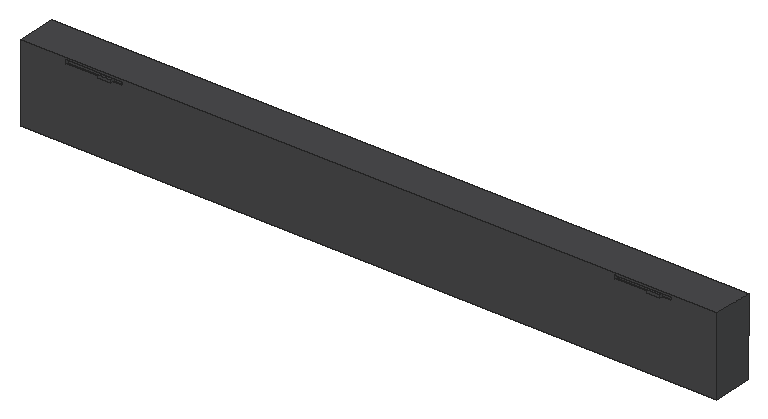
Revit family "DOT BLOCK CEILLING 646_DTSM30W6.1.36", category Luminarias, Revit 2019
Family settings
  Cota de conector redondo = Diámetro de uso
  Tipo de pieza = Normal
  Se basa en plano de trabajo = Sí
  Siempre vertical = Sí
  Corte con vacíos al cargar = No
  Origen de luz = Sí
  Compartido = No
  Punto de cálculo de habitación = No
Parameters (values of type "DOT BLOCK CEILLING 646_DTSM30W6.1.36")
  Ángulo de inclinación = 60.00°
  Zone [instance] = ""
  Watt per fixture = 30
  Wattage = 30 W
  built-in parameter 1150107 = 3000 (stored number, unit not read)
  built-in parameter 1150110 = 1 (stored number, unit not read)
  built-in parameter 1150109 = 1 (stored number, unit not read)
  built-in parameter 1150112 = 1 (stored number, unit not read)
  built-in parameter 1150113 = 1 (stored number, unit not read)
  built-in parameter 1114218 = 1 (stored number, unit not read)
  Keynote = ""
  built-in parameter 1150137 = (empty or 0)
  built-in parameter 1150132 = (empty or 0)
  Modelo = "DTSM30W6.1.36"
  Lámpara = "3030SMD PHILIPS"
  built-in parameter 1150105 = 202.92 (stored number, unit not read)
  built-in parameter 1150102 = (empty or 0)
  built-in parameter 1150106 = 2.0292 (stored number, unit not read)
  Lumens = 2550 lm
  Color Filter = 16777215
  built-in parameter 1114217 = 1 (stored number, unit not read)
  built-in parameter 1150139 = (empty or 0)
  Fabricante = "BRILLANT"
  Default Elevation = 1219.2 mm
  built-in parameter 1150104 = 7.8968 (stored number, unit not read)
  Descripción = "LUMINARIA DOWNLIGHT EN FORMATO RECTANGULAR PARA SOBREPONER DIRECTO EN TECHO, CUERPO DE ALUMINIO ACABADO EN COLOR NEGRO, IP 20, PESO 1.40Kg, TIPO DE LED 3030SMD PHILIPS CON 30W TOTAL, 1400 LUMENES, 85LM/W, IRC 90, TEMPERATURA EN BLANCO CALIDO 3000K, 50 MIL HORAS DE VIDA PROMEDIO, APERTURA DE 36 GRADOS POR PROYECTO, ALIMENTADO A 90-240V"
  built-in parameter 1150115 = 1 (stored number, unit not read)
  built-in parameter 1150114 = 1 (stored number, unit not read)
  Comentarios de vataje = "90-240V"
  built-in parameter 1150138 = (empty or 0)
  built-in parameter 1150134 = (empty or 0)
  Circuit [instance] = ""
  Dimming Lamp Color Temperature Shift = (empty or 0)
  Archivo de red fotométrica = "L646A-30W-830-B-36_IESNA95.IES"
  built-in parameter 1150133 = 10 (stored number, unit not read)
Reference planes
  plane 1 "Centro (Frontal/Posterior)": y = 0
  plane 2: z = 0
  plane 3 "Centro (Izquierda/Derecha)": x = 0
Forms (mm)
  Extrusion 1, solid, material "Default Form", not visible
    sketch origin (0, 0, 0) x (1, 0, 0) y (0, 0, 1)
      loop
        line (-473, 0) -> (-473, -72) -> (473, -72) -> (473, 0) -> (-473, 0)
    from -18.326 to 18.326
  Blend 2, void, not visible
    base sketch origin (-293.63, 0, 0) x (1, 0, 0) y (0, 1, 0)
      loop
        line (-162, 16.149) -> (-162, -16.149) -> (-144.14, -16.149) -> (-144.14, 16.149) -> (-162, 16.149)
    top sketch origin (-293.63, 0, 0) x (1, 0, 0) y (0, 1, 0)
      loop
        line (-160, 12.149) -> (-160, -12.149) -> (-146.14, -12.149) -> (-146.14, 12.149) -> (-160, 12.149)
    from -72 to -61.591
  Blend 3, void, not visible
    base sketch origin (-267.33, 0, 0) x (1, 0, 0) y (0, 1, 0)
      loop
        line (-162, 16.149) -> (-162, -16.149) -> (-144.14, -16.149) -> (-144.14, 16.149) -> (-162, 16.149)
    top sketch origin (-267.33, 0, 0) x (1, 0, 0) y (0, 1, 0)
      loop
        line (-160, 12.149) -> (-160, -12.149) -> (-146.14, -12.149) -> (-146.14, 12.149) -> (-160, 12.149)
    from -72 to -61.591
  Blend 4, void, not visible
    base sketch origin (-241.03, 0, 0) x (1, 0, 0) y (0, 1, 0)
      loop
        line (-162, 16.149) -> (-162, -16.149) -> (-144.14, -16.149) -> (-144.14, 16.149) -> (-162, 16.149)
    top sketch origin (-241.03, 0, 0) x (1, 0, 0) y (0, 1, 0)
      loop
        line (-160, 12.149) -> (-160, -12.149) -> (-146.14, -12.149) -> (-146.14, 12.149) -> (-160, 12.149)
    from -72 to -61.591
  Blend 5, void, not visible
    base sketch origin (-214.73, 0, 0) x (1, 0, 0) y (0, 1, 0)
      loop
        line (-162, 16.149) -> (-162, -16.149) -> (-144.14, -16.149) -> (-144.14, 16.149) -> (-162, 16.149)
    top sketch origin (-214.73, 0, 0) x (1, 0, 0) y (0, 1, 0)
      loop
        line (-160, 12.149) -> (-160, -12.149) -> (-146.14, -12.149) -> (-146.14, 12.149) -> (-160, 12.149)
    from -72 to -61.591
  Blend 6, void, not visible
    base sketch origin (-188.43, 0, 0) x (1, 0, 0) y (0, 1, 0)
      loop
        line (-162, 16.149) -> (-162, -16.149) -> (-144.14, -16.149) -> (-144.14, 16.149) -> (-162, 16.149)
    top sketch origin (-188.43, 0, 0) x (1, 0, 0) y (0, 1, 0)
      loop
        line (-160, 12.149) -> (-160, -12.149) -> (-146.14, -12.149) -> (-146.14, 12.149) -> (-160, 12.149)
    from -72 to -61.591
  Blend 7, void, not visible
    base sketch origin (-162.13, 0, 0) x (1, 0, 0) y (0, 1, 0)
      loop
        line (-162, 16.149) -> (-162, -16.149) -> (-144.14, -16.149) -> (-144.14, 16.149) -> (-162, 16.149)
    top sketch origin (-162.13, 0, 0) x (1, 0, 0) y (0, 1, 0)
      loop
        line (-160, 12.149) -> (-160, -12.149) -> (-146.14, -12.149) -> (-146.14, 12.149) -> (-160, 12.149)
    from -72 to -61.591
  Blend 8, void, not visible
    base sketch origin (-135.83, 0, 0) x (1, 0, 0) y (0, 1, 0)
      loop
        line (-162, 16.149) -> (-162, -16.149) -> (-144.14, -16.149) -> (-144.14, 16.149) -> (-162, 16.149)
    top sketch origin (-135.83, 0, 0) x (1, 0, 0) y (0, 1, 0)
      loop
        line (-160, 12.149) -> (-160, -12.149) -> (-146.14, -12.149) -> (-146.14, 12.149) -> (-160, 12.149)
    from -72 to -61.591
  Blend 9, void, not visible
    base sketch origin (-109.53, 0, 0) x (1, 0, 0) y (0, 1, 0)
      loop
        line (-162, 16.149) -> (-162, -16.149) -> (-144.14, -16.149) -> (-144.14, 16.149) -> (-162, 16.149)
    top sketch origin (-109.53, 0, 0) x (1, 0, 0) y (0, 1, 0)
      loop
        line (-160, 12.149) -> (-160, -12.149) -> (-146.14, -12.149) -> (-146.14, 12.149) -> (-160, 12.149)
    from -72 to -61.591
  Blend 10, void, not visible
    base sketch origin (-83.23, 0, 0) x (1, 0, 0) y (0, 1, 0)
      loop
        line (-162, 16.149) -> (-162, -16.149) -> (-144.14, -16.149) -> (-144.14, 16.149) -> (-162, 16.149)
    top sketch origin (-83.23, 0, 0) x (1, 0, 0) y (0, 1, 0)
      loop
        line (-160, 12.149) -> (-160, -12.149) -> (-146.14, -12.149) -> (-146.14, 12.149) -> (-160, 12.149)
    from -72 to -61.591
  Blend 11, void, not visible
    base sketch origin (-56.93, 0, 0) x (1, 0, 0) y (0, 1, 0)
      loop
        line (-162, 16.149) -> (-162, -16.149) -> (-144.14, -16.149) -> (-144.14, 16.149) -> (-162, 16.149)
    top sketch origin (-56.93, 0, 0) x (1, 0, 0) y (0, 1, 0)
      loop
        line (-160, 12.149) -> (-160, -12.149) -> (-146.14, -12.149) -> (-146.14, 12.149) -> (-160, 12.149)
    from -72 to -61.591
  Blend 12, void, not visible
    base sketch origin (-30.63, 0, 0) x (1, 0, 0) y (0, 1, 0)
      loop
        line (-162, 16.149) -> (-162, -16.149) -> (-144.14, -16.149) -> (-144.14, 16.149) -> (-162, 16.149)
    top sketch origin (-30.63, 0, 0) x (1, 0, 0) y (0, 1, 0)
      loop
        line (-160, 12.149) -> (-160, -12.149) -> (-146.14, -12.149) -> (-146.14, 12.149) -> (-160, 12.149)
    from -72 to -61.591
  Blend 13, void, not visible
    base sketch origin (-4.33, 0, 0) x (1, 0, 0) y (0, 1, 0)
      loop
        line (-162, 16.149) -> (-162, -16.149) -> (-144.14, -16.149) -> (-144.14, 16.149) -> (-162, 16.149)
    top sketch origin (-4.33, 0, 0) x (1, 0, 0) y (0, 1, 0)
      loop
        line (-160, 12.149) -> (-160, -12.149) -> (-146.14, -12.149) -> (-146.14, 12.149) -> (-160, 12.149)
    from -72 to -61.591
  Blend 14, void, not visible
    base sketch origin (21.97, 0, 0) x (1, 0, 0) y (0, 1, 0)
      loop
        line (-162, 16.149) -> (-162, -16.149) -> (-144.14, -16.149) -> (-144.14, 16.149) -> (-162, 16.149)
    top sketch origin (21.97, 0, 0) x (1, 0, 0) y (0, 1, 0)
      loop
        line (-160, 12.149) -> (-160, -12.149) -> (-146.14, -12.149) -> (-146.14, 12.149) -> (-160, 12.149)
    from -72 to -61.591
  Blend 15, void, not visible
    base sketch origin (48.27, 0, 0) x (1, 0, 0) y (0, 1, 0)
      loop
        line (-162, 16.149) -> (-162, -16.149) -> (-144.14, -16.149) -> (-144.14, 16.149) -> (-162, 16.149)
    top sketch origin (48.27, 0, 0) x (1, 0, 0) y (0, 1, 0)
      loop
        line (-160, 12.149) -> (-160, -12.149) -> (-146.14, -12.149) -> (-146.14, 12.149) -> (-160, 12.149)
    from -72 to -61.591
  Blend 16, void, not visible
    base sketch origin (74.57, 0, 0) x (1, 0, 0) y (0, 1, 0)
      loop
        line (-162, 16.149) -> (-162, -16.149) -> (-144.14, -16.149) -> (-144.14, 16.149) -> (-162, 16.149)
    top sketch origin (74.57, 0, 0) x (1, 0, 0) y (0, 1, 0)
      loop
        line (-160, 12.149) -> (-160, -12.149) -> (-146.14, -12.149) -> (-146.14, 12.149) -> (-160, 12.149)
    from -72 to -61.591
  Blend 17, void, not visible
    base sketch origin (100.87, 0, 0) x (1, 0, 0) y (0, 1, 0)
      loop
        line (-162, 16.149) -> (-162, -16.149) -> (-144.14, -16.149) -> (-144.14, 16.149) -> (-162, 16.149)
    top sketch origin (100.87, 0, 0) x (1, 0, 0) y (0, 1, 0)
      loop
        line (-160, 12.149) -> (-160, -12.149) -> (-146.14, -12.149) -> (-146.14, 12.149) -> (-160, 12.149)
    from -72 to -61.591
  Blend 18, void, not visible
    base sketch origin (127.17, 0, 0) x (1, 0, 0) y (0, 1, 0)
      loop
        line (-162, 16.149) -> (-162, -16.149) -> (-144.14, -16.149) -> (-144.14, 16.149) -> (-162, 16.149)
    top sketch origin (127.17, 0, 0) x (1, 0, 0) y (0, 1, 0)
      loop
        line (-160, 12.149) -> (-160, -12.149) -> (-146.14, -12.149) -> (-146.14, 12.149) -> (-160, 12.149)
    from -72 to -61.591
  Blend 19, void, not visible
    base sketch origin (153.47, 0, 0) x (1, 0, 0) y (0, 1, 0)
      loop
        line (-162, 16.149) -> (-162, -16.149) -> (-144.14, -16.149) -> (-144.14, 16.149) -> (-162, 16.149)
    top sketch origin (153.47, 0, 0) x (1, 0, 0) y (0, 1, 0)
      loop
        line (-160, 12.149) -> (-160, -12.149) -> (-146.14, -12.149) -> (-146.14, 12.149) -> (-160, 12.149)
    from -72 to -61.591
  Blend 20, void, not visible
    base sketch origin (179.77, 0, 0) x (1, 0, 0) y (0, 1, 0)
      loop
        line (-162, 16.149) -> (-162, -16.149) -> (-144.14, -16.149) -> (-144.14, 16.149) -> (-162, 16.149)
    top sketch origin (179.77, 0, 0) x (1, 0, 0) y (0, 1, 0)
      loop
        line (-160, 12.149) -> (-160, -12.149) -> (-146.14, -12.149) -> (-146.14, 12.149) -> (-160, 12.149)
    from -72 to -61.591
  Blend 21, void, not visible
    base sketch origin (206.07, 0, 0) x (1, 0, 0) y (0, 1, 0)
      loop
        line (-162, 16.149) -> (-162, -16.149) -> (-144.14, -16.149) -> (-144.14, 16.149) -> (-162, 16.149)
    top sketch origin (206.07, 0, 0) x (1, 0, 0) y (0, 1, 0)
      loop
        line (-160, 12.149) -> (-160, -12.149) -> (-146.14, -12.149) -> (-146.14, 12.149) -> (-160, 12.149)
    from -72 to -61.591
  Blend 22, void, not visible
    base sketch origin (232.37, 0, 0) x (1, 0, 0) y (0, 1, 0)
      loop
        line (-162, 16.149) -> (-162, -16.149) -> (-144.14, -16.149) -> (-144.14, 16.149) -> (-162, 16.149)
    top sketch origin (232.37, 0, 0) x (1, 0, 0) y (0, 1, 0)
      loop
        line (-160, 12.149) -> (-160, -12.149) -> (-146.14, -12.149) -> (-146.14, 12.149) -> (-160, 12.149)
    from -72 to -61.591
  Blend 23, void, not visible
    base sketch origin (258.67, 0, 0) x (1, 0, 0) y (0, 1, 0)
      loop
        line (-162, 16.149) -> (-162, -16.149) -> (-144.14, -16.149) -> (-144.14, 16.149) -> (-162, 16.149)
    top sketch origin (258.67, 0, 0) x (1, 0, 0) y (0, 1, 0)
      loop
        line (-160, 12.149) -> (-160, -12.149) -> (-146.14, -12.149) -> (-146.14, 12.149) -> (-160, 12.149)
    from -72 to -61.591
  Blend 24, void, not visible
    base sketch origin (284.97, 0, 0) x (1, 0, 0) y (0, 1, 0)
      loop
        line (-162, 16.149) -> (-162, -16.149) -> (-144.14, -16.149) -> (-144.14, 16.149) -> (-162, 16.149)
    top sketch origin (284.97, 0, 0) x (1, 0, 0) y (0, 1, 0)
      loop
        line (-160, 12.149) -> (-160, -12.149) -> (-146.14, -12.149) -> (-146.14, 12.149) -> (-160, 12.149)
    from -72 to -61.591
  Blend 25, void, not visible
    base sketch origin (311.27, 0, 0) x (1, 0, 0) y (0, 1, 0)
      loop
        line (-162, 16.149) -> (-162, -16.149) -> (-144.14, -16.149) -> (-144.14, 16.149) -> (-162, 16.149)
    top sketch origin (311.27, 0, 0) x (1, 0, 0) y (0, 1, 0)
      loop
        line (-160, 12.149) -> (-160, -12.149) -> (-146.14, -12.149) -> (-146.14, 12.149) -> (-160, 12.149)
    from -72 to -61.591
  Blend 26, void, not visible
    base sketch origin (337.57, 0, 0) x (1, 0, 0) y (0, 1, 0)
      loop
        line (-162, 16.149) -> (-162, -16.149) -> (-144.14, -16.149) -> (-144.14, 16.149) -> (-162, 16.149)
    top sketch origin (337.57, 0, 0) x (1, 0, 0) y (0, 1, 0)
      loop
        line (-160, 12.149) -> (-160, -12.149) -> (-146.14, -12.149) -> (-146.14, 12.149) -> (-160, 12.149)
    from -72 to -61.591
  Blend 27, void, not visible
    base sketch origin (363.87, 0, 0) x (1, 0, 0) y (0, 1, 0)
      loop
        line (-162, 16.149) -> (-162, -16.149) -> (-144.14, -16.149) -> (-144.14, 16.149) -> (-162, 16.149)
    top sketch origin (363.87, 0, 0) x (1, 0, 0) y (0, 1, 0)
      loop
        line (-160, 12.149) -> (-160, -12.149) -> (-146.14, -12.149) -> (-146.14, 12.149) -> (-160, 12.149)
    from -72 to -61.591
  Blend 28, void, not visible
    base sketch origin (390.17, 0, 0) x (1, 0, 0) y (0, 1, 0)
      loop
        line (-162, 16.149) -> (-162, -16.149) -> (-144.14, -16.149) -> (-144.14, 16.149) -> (-162, 16.149)
    top sketch origin (390.17, 0, 0) x (1, 0, 0) y (0, 1, 0)
      loop
        line (-160, 12.149) -> (-160, -12.149) -> (-146.14, -12.149) -> (-146.14, 12.149) -> (-160, 12.149)
    from -72 to -61.591
  Blend 29, void, not visible
    base sketch origin (416.47, 0, 0) x (1, 0, 0) y (0, 1, 0)
      loop
        line (-162, 16.149) -> (-162, -16.149) -> (-144.14, -16.149) -> (-144.14, 16.149) -> (-162, 16.149)
    top sketch origin (416.47, 0, 0) x (1, 0, 0) y (0, 1, 0)
      loop
        line (-160, 12.149) -> (-160, -12.149) -> (-146.14, -12.149) -> (-146.14, 12.149) -> (-160, 12.149)
    from -72 to -61.591
  Blend 30, void, not visible
    base sketch origin (442.77, 0, 0) x (1, 0, 0) y (0, 1, 0)
      loop
        line (-162, 16.149) -> (-162, -16.149) -> (-144.14, -16.149) -> (-144.14, 16.149) -> (-162, 16.149)
    top sketch origin (442.77, 0, 0) x (1, 0, 0) y (0, 1, 0)
      loop
        line (-160, 12.149) -> (-160, -12.149) -> (-146.14, -12.149) -> (-146.14, 12.149) -> (-160, 12.149)
    from -72 to -61.591
  Blend 31, void, not visible
    base sketch origin (469.07, 0, 0) x (1, 0, 0) y (0, 1, 0)
      loop
        line (-162, 16.149) -> (-162, -16.149) -> (-144.14, -16.149) -> (-144.14, 16.149) -> (-162, 16.149)
    top sketch origin (469.07, 0, 0) x (1, 0, 0) y (0, 1, 0)
      loop
        line (-160, 12.149) -> (-160, -12.149) -> (-146.14, -12.149) -> (-146.14, 12.149) -> (-160, 12.149)
    from -72 to -61.591
  Blend 32, void, not visible
    base sketch origin (495.37, 0, 0) x (1, 0, 0) y (0, 1, 0)
      loop
        line (-162, 16.149) -> (-162, -16.149) -> (-144.14, -16.149) -> (-144.14, 16.149) -> (-162, 16.149)
    top sketch origin (495.37, 0, 0) x (1, 0, 0) y (0, 1, 0)
      loop
        line (-160, 12.149) -> (-160, -12.149) -> (-146.14, -12.149) -> (-146.14, 12.149) -> (-160, 12.149)
    from -72 to -61.591
  Blend 33, void, not visible
    base sketch origin (521.67, 0, 0) x (1, 0, 0) y (0, 1, 0)
      loop
        line (-162, 16.149) -> (-162, -16.149) -> (-144.14, -16.149) -> (-144.14, 16.149) -> (-162, 16.149)
    top sketch origin (521.67, 0, 0) x (1, 0, 0) y (0, 1, 0)
      loop
        line (-160, 12.149) -> (-160, -12.149) -> (-146.14, -12.149) -> (-146.14, 12.149) -> (-160, 12.149)
    from -72 to -61.591
  Blend 34, void, not visible
    base sketch origin (547.97, 0, 0) x (1, 0, 0) y (0, 1, 0)
      loop
        line (-162, 16.149) -> (-162, -16.149) -> (-144.14, -16.149) -> (-144.14, 16.149) -> (-162, 16.149)
    top sketch origin (547.97, 0, 0) x (1, 0, 0) y (0, 1, 0)
      loop
        line (-160, 12.149) -> (-160, -12.149) -> (-146.14, -12.149) -> (-146.14, 12.149) -> (-160, 12.149)
    from -72 to -61.591
  Blend 35, void, not visible
    base sketch origin (574.27, 0, 0) x (1, 0, 0) y (0, 1, 0)
      loop
        line (-162, 16.149) -> (-162, -16.149) -> (-144.14, -16.149) -> (-144.14, 16.149) -> (-162, 16.149)
    top sketch origin (574.27, 0, 0) x (1, 0, 0) y (0, 1, 0)
      loop
        line (-160, 12.149) -> (-160, -12.149) -> (-146.14, -12.149) -> (-146.14, 12.149) -> (-160, 12.149)
    from -72 to -61.591
  Blend 36, void, not visible
    base sketch origin (600.57, 0, 0) x (1, 0, 0) y (0, 1, 0)
      loop
        line (-162, 16.149) -> (-162, -16.149) -> (-144.14, -16.149) -> (-144.14, 16.149) -> (-162, 16.149)
    top sketch origin (600.57, 0, 0) x (1, 0, 0) y (0, 1, 0)
      loop
        line (-160, 12.149) -> (-160, -12.149) -> (-146.14, -12.149) -> (-146.14, 12.149) -> (-160, 12.149)
    from -72 to -61.591
  Extrusion 37, solid, not visible
    sketch origin (-463.861, 0, 3.217) x (0, -1, 0) y (0, 0, -1)
      loop
        line (18.326, 3.217) -> (-18.326, 3.217) -> (-18.326, 73.917) -> (-32.183, 73.917) -> (-32.183, 72.617) -> (-19.626, 72.617) -> (-19.626, 1.917) -> (19.626, 1.917) -> (19.626, 72.617) -> (32.183, 72.617) -> (32.183, 73.917) -> (18.326, 73.917) -> (18.326, 3.217)
    from 89.098 to 128.24
  Extrusion 38, solid, not visible
    sketch origin (-246.523, 0, 3.217) x (0, -1, 0) y (0, 0, 1)
      loop
        line (-19.626, -1.917) -> (19.626, -1.917) -> (19.626, -63.89) -> (20.426, -63.89) -> (20.426, -1.117) -> (-20.426, -1.117) -> (-20.426, -63.89) -> (-19.626, -63.89) -> (-19.626, -1.917)
    from 122.954 to 124.098
  Extrusion 39, solid, not visible
    sketch origin (-463.861, 0, 3.217) x (0, -1, 0) y (0, 0, -1)
      loop
        line (-19.626, 1.917) -> (-19.626, 63.89) -> (-20.426, 63.89) -> (-20.426, 1.117) -> (20.426, 1.117) -> (20.426, 63.89) -> (19.626, 63.89) -> (19.626, 1.917) -> (-19.626, 1.917)
    from 122.954 to 124.098
  Extrusion 40, void, not visible
    sketch origin (0, 0, 0) x (1, 0, 0) y (0, 1, 0)
      loop
        circle (-363.799, -25.904) r 2.055
      loop
        circle (-346.585, -25.904) r 2.055
      loop
        circle (-363.799, 25.904) r 2.055
      loop
        circle (-346.585, 25.904) r 2.055
    from -70.7 to -69.4
  Blend 41, void
    base sketch origin (74.57, 130.851, 72) x (1, 0, 0) y (0, 1, 0)
      loop
        line (-162, -147) -> (-144.14, -147) -> (-144.14, -114.702) -> (-162, -114.702) -> (-162, -147)
    top sketch origin (74.57, 130.851, 72) x (1, 0, 0) y (0, 1, 0)
      loop
        line (-160, -143) -> (-146.14, -143) -> (-146.14, -118.702) -> (-160, -118.702) -> (-160, -143)
    from -72 to -61.591
  Blend 42, void
    base sketch origin (100.87, 130.851, 72) x (1, 0, 0) y (0, 1, 0)
      loop
        line (-162, -147) -> (-144.14, -147) -> (-144.14, -114.702) -> (-162, -114.702) -> (-162, -147)
    top sketch origin (100.87, 130.851, 72) x (1, 0, 0) y (0, 1, 0)
      loop
        line (-160, -143) -> (-146.14, -143) -> (-146.14, -118.702) -> (-160, -118.702) -> (-160, -143)
    from -72 to -61.591
  Blend 43, void
    base sketch origin (127.17, 130.851, 72) x (1, 0, 0) y (0, 1, 0)
      loop
        line (-162, -147) -> (-144.14, -147) -> (-144.14, -114.702) -> (-162, -114.702) -> (-162, -147)
    top sketch origin (127.17, 130.851, 72) x (1, 0, 0) y (0, 1, 0)
      loop
        line (-160, -143) -> (-146.14, -143) -> (-146.14, -118.702) -> (-160, -118.702) -> (-160, -143)
    from -72 to -61.591
  Blend 44, void
    base sketch origin (153.47, 130.851, 72) x (1, 0, 0) y (0, 1, 0)
      loop
        line (-162, -147) -> (-144.14, -147) -> (-144.14, -114.702) -> (-162, -114.702) -> (-162, -147)
    top sketch origin (153.47, 130.851, 72) x (1, 0, 0) y (0, 1, 0)
      loop
        line (-160, -143) -> (-146.14, -143) -> (-146.14, -118.702) -> (-160, -118.702) -> (-160, -143)
    from -72 to -61.591
  Blend 45, void
    base sketch origin (179.77, 130.851, 72) x (1, 0, 0) y (0, 1, 0)
      loop
        line (-162, -147) -> (-144.14, -147) -> (-144.14, -114.702) -> (-162, -114.702) -> (-162, -147)
    top sketch origin (179.77, 130.851, 72) x (1, 0, 0) y (0, 1, 0)
      loop
        line (-160, -143) -> (-146.14, -143) -> (-146.14, -118.702) -> (-160, -118.702) -> (-160, -143)
    from -72 to -61.591
  Blend 46, void
    base sketch origin (206.07, 130.851, 72) x (1, 0, 0) y (0, 1, 0)
      loop
        line (-162, -147) -> (-144.14, -147) -> (-144.14, -114.702) -> (-162, -114.702) -> (-162, -147)
    top sketch origin (206.07, 130.851, 72) x (1, 0, 0) y (0, 1, 0)
      loop
        line (-160, -143) -> (-146.14, -143) -> (-146.14, -118.702) -> (-160, -118.702) -> (-160, -143)
    from -72 to -61.591
  Blend 47, void
    base sketch origin (232.37, 130.851, 72) x (1, 0, 0) y (0, 1, 0)
      loop
        line (-162, -147) -> (-144.14, -147) -> (-144.14, -114.702) -> (-162, -114.702) -> (-162, -147)
    top sketch origin (232.37, 130.851, 72) x (1, 0, 0) y (0, 1, 0)
      loop
        line (-160, -143) -> (-146.14, -143) -> (-146.14, -118.702) -> (-160, -118.702) -> (-160, -143)
    from -72 to -61.591
  Extrusion 48, solid, material "Default Form"
    sketch origin (0, 0, 72) x (1, 0, 0) y (0, 0, -1)
      loop
        line (-323, 0) -> (323, 0) -> (323, 72) -> (-323, 72) -> (-323, 0)
    from -18.326 to 18.326
  Blend 49, void
    base sketch origin (258.67, 130.851, 72) x (1, 0, 0) y (0, 1, 0)
      loop
        line (-162, -147) -> (-144.14, -147) -> (-144.14, -114.702) -> (-162, -114.702) -> (-162, -147)
    top sketch origin (258.67, 130.851, 72) x (1, 0, 0) y (0, 1, 0)
      loop
        line (-160, -143) -> (-146.14, -143) -> (-146.14, -118.702) -> (-160, -118.702) -> (-160, -143)
    from -72 to -61.591
  Blend 50, void
    base sketch origin (284.97, 130.851, 72) x (1, 0, 0) y (0, 1, 0)
      loop
        line (-162, -147) -> (-144.14, -147) -> (-144.14, -114.702) -> (-162, -114.702) -> (-162, -147)
    top sketch origin (284.97, 130.851, 72) x (1, 0, 0) y (0, 1, 0)
      loop
        line (-160, -143) -> (-146.14, -143) -> (-146.14, -118.702) -> (-160, -118.702) -> (-160, -143)
    from -72 to -61.591
  Blend 51, void
    base sketch origin (21.97, 130.851, 72) x (1, 0, 0) y (0, 1, 0)
      loop
        line (-162, -147) -> (-144.14, -147) -> (-144.14, -114.702) -> (-162, -114.702) -> (-162, -147)
    top sketch origin (21.97, 130.851, 72) x (1, 0, 0) y (0, 1, 0)
      loop
        line (-160, -143) -> (-146.14, -143) -> (-146.14, -118.702) -> (-160, -118.702) -> (-160, -143)
    from -72 to -61.591
  Blend 52, void
    base sketch origin (48.27, 130.851, 72) x (1, 0, 0) y (0, 1, 0)
      loop
        line (-162, -147) -> (-144.14, -147) -> (-144.14, -114.702) -> (-162, -114.702) -> (-162, -147)
    top sketch origin (48.27, 130.851, 72) x (1, 0, 0) y (0, 1, 0)
      loop
        line (-160, -143) -> (-146.14, -143) -> (-146.14, -118.702) -> (-160, -118.702) -> (-160, -143)
    from -72 to -61.591
  Extrusion 53, void
    sketch origin (-158.75, 0, 0) x (1, 0, 0) y (0, 1, 0)
      loop
        line (-122.17, -18.326) -> (-69.57, -18.326) -> (-69.57, -16.149) -> (-122.17, -16.149) -> (-122.17, -18.326)
      loop
        line (-122.17, 18.326) -> (-122.17, 16.149) -> (-69.57, 16.149) -> (-69.57, 18.326) -> (-122.17, 18.326)
    from 66.852 to 70.535
  Extrusion 54, solid, material "Default Form"
    sketch origin (125, 0, 0) x (1, 0, 0) y (0, 1, 0)
      loop
        line (146.935, -16.149) -> (145.601, -16.149) -> (145.601, -18.326) -> (135.101, -18.326) -> (135.101, -20.238) -> (146.935, -20.238) -> (146.935, -16.149)
      loop
        line (146.935, 16.149) -> (146.935, 20.238) -> (135.101, 20.238) -> (135.101, 18.326) -> (145.601, 18.326) -> (145.601, 16.149) -> (146.935, 16.149)
      loop
        line (-362.305, -16.149) -> (-363.639, -16.149) -> (-363.639, -18.326) -> (-374.139, -18.326) -> (-374.139, -20.238) -> (-362.305, -20.238) -> (-362.305, -16.149)
      loop
        line (-362.305, 16.149) -> (-362.305, 20.238) -> (-374.139, 20.238) -> (-374.139, 18.326) -> (-363.639, 18.326) -> (-363.639, 16.149) -> (-362.305, 16.149)
    from 67.466 to 69.773
  Extrusion 55, void
    sketch origin (158.75, 0, 0) x (-1, 0, 0) y (0, -1, 0)
      loop
        line (-122.17, 18.326) -> (-122.17, 16.149) -> (-69.57, 16.149) -> (-69.57, 18.326) -> (-122.17, 18.326)
      loop
        line (-122.17, -18.326) -> (-69.57, -18.326) -> (-69.57, -16.149) -> (-122.17, -16.149) -> (-122.17, -18.326)
    from 66.852 to 70.535
  Blend 56, void
    base sketch origin (311.27, 130.851, 72) x (1, 0, 0) y (0, 1, 0)
      loop
        line (-162, -147) -> (-144.14, -147) -> (-144.14, -114.702) -> (-162, -114.702) -> (-162, -147)
    top sketch origin (311.27, 130.851, 72) x (1, 0, 0) y (0, 1, 0)
      loop
        line (-160, -143) -> (-146.14, -143) -> (-146.14, -118.702) -> (-160, -118.702) -> (-160, -143)
    from -72 to -61.591
  Blend 57, void
    base sketch origin (337.57, 130.851, 72) x (1, 0, 0) y (0, 1, 0)
      loop
        line (-162, -147) -> (-144.14, -147) -> (-144.14, -114.702) -> (-162, -114.702) -> (-162, -147)
    top sketch origin (337.57, 130.851, 72) x (1, 0, 0) y (0, 1, 0)
      loop
        line (-160, -143) -> (-146.14, -143) -> (-146.14, -118.702) -> (-160, -118.702) -> (-160, -143)
    from -72 to -61.591
  Blend 58, void
    base sketch origin (363.87, 130.851, 72) x (1, 0, 0) y (0, 1, 0)
      loop
        line (-162, -147) -> (-144.14, -147) -> (-144.14, -114.702) -> (-162, -114.702) -> (-162, -147)
    top sketch origin (363.87, 130.851, 72) x (1, 0, 0) y (0, 1, 0)
      loop
        line (-160, -143) -> (-146.14, -143) -> (-146.14, -118.702) -> (-160, -118.702) -> (-160, -143)
    from -72 to -61.591
  Blend 59, void
    base sketch origin (390.17, 130.851, 72) x (1, 0, 0) y (0, 1, 0)
      loop
        line (-162, -147) -> (-144.14, -147) -> (-144.14, -114.702) -> (-162, -114.702) -> (-162, -147)
    top sketch origin (390.17, 130.851, 72) x (1, 0, 0) y (0, 1, 0)
      loop
        line (-160, -143) -> (-146.14, -143) -> (-146.14, -118.702) -> (-160, -118.702) -> (-160, -143)
    from -72 to -61.591
  Blend 60, void
    base sketch origin (-30.63, 130.851, 72) x (1, 0, 0) y (0, 1, 0)
      loop
        line (-162, -147) -> (-144.14, -147) -> (-144.14, -114.702) -> (-162, -114.702) -> (-162, -147)
    top sketch origin (-30.63, 130.851, 72) x (1, 0, 0) y (0, 1, 0)
      loop
        line (-160, -143) -> (-146.14, -143) -> (-146.14, -118.702) -> (-160, -118.702) -> (-160, -143)
    from -72 to -61.591
  Blend 61, void
    base sketch origin (-4.33, 130.851, 72) x (1, 0, 0) y (0, 1, 0)
      loop
        line (-162, -147) -> (-144.14, -147) -> (-144.14, -114.702) -> (-162, -114.702) -> (-162, -147)
    top sketch origin (-4.33, 130.851, 72) x (1, 0, 0) y (0, 1, 0)
      loop
        line (-160, -143) -> (-146.14, -143) -> (-146.14, -118.702) -> (-160, -118.702) -> (-160, -143)
    from -72 to -61.591
  Blend 62, void
    base sketch origin (-83.23, 130.851, 72) x (1, 0, 0) y (0, 1, 0)
      loop
        line (-162, -147) -> (-144.14, -147) -> (-144.14, -114.702) -> (-162, -114.702) -> (-162, -147)
    top sketch origin (-83.23, 130.851, 72) x (1, 0, 0) y (0, 1, 0)
      loop
        line (-160, -143) -> (-146.14, -143) -> (-146.14, -118.702) -> (-160, -118.702) -> (-160, -143)
    from -72 to -61.591
  Blend 63, void
    base sketch origin (-56.93, 130.851, 72) x (1, 0, 0) y (0, 1, 0)
      loop
        line (-162, -147) -> (-144.14, -147) -> (-144.14, -114.702) -> (-162, -114.702) -> (-162, -147)
    top sketch origin (-56.93, 130.851, 72) x (1, 0, 0) y (0, 1, 0)
      loop
        line (-160, -143) -> (-146.14, -143) -> (-146.14, -118.702) -> (-160, -118.702) -> (-160, -143)
    from -72 to -61.591
Cuts and joins
  Blend 41, Blend 42, Blend 43, Blend 44, Blend 45, Blend 46, Blend 47, Blend 49, Blend 50, Blend 51, Blend 52, Extrusion 53, Extrusion 55, Blend 56, Blend 57, Blend 58, Blend 59, Blend 60, Blend 61, Blend 62, Blend 63 cuts Extrusion 48
  Extrusion 55 cuts Extrusion 54
Dimensions and locks
  cut or joined group 1 (Blend 41, Blend 42, Blend 43, Blend 44, Blend 45, Blend 46, Blend 47, Extrusion 48, Blend 49, Blend 50, Blend 51, Blend 52, Extrusion 53, Extrusion 55, Blend 56, Blend 57, Blend 58, Blend 59, Blend 60, Blend 61, Blend 62, Blend 63) to cut or joined group 1 = 72 mm  (x2)
  cut or joined group 1 to cut or joined group 1 = 36.651 mm
  cut or joined group 1 to cut or joined group 1 = 646 mm
  cut or joined group 1 to cut or joined group 1 = 42.08 mm  (x2)
  aligned and locked: level to plane 2
Connectors
  electrical at (0, 0, 72)
    settings: on cut or joined group 1, index 1, voltage 0 V, apparent load 0 VA, apparent load phase1 0 VA, apparent load phase2 0 VA, apparent load phase3 0 VA, power factor 1, load classification "Otro", number of poles 1, system type 31, power factor state 1, is connector primary yes, connector utility no, sub classification motor no, connector description ""
